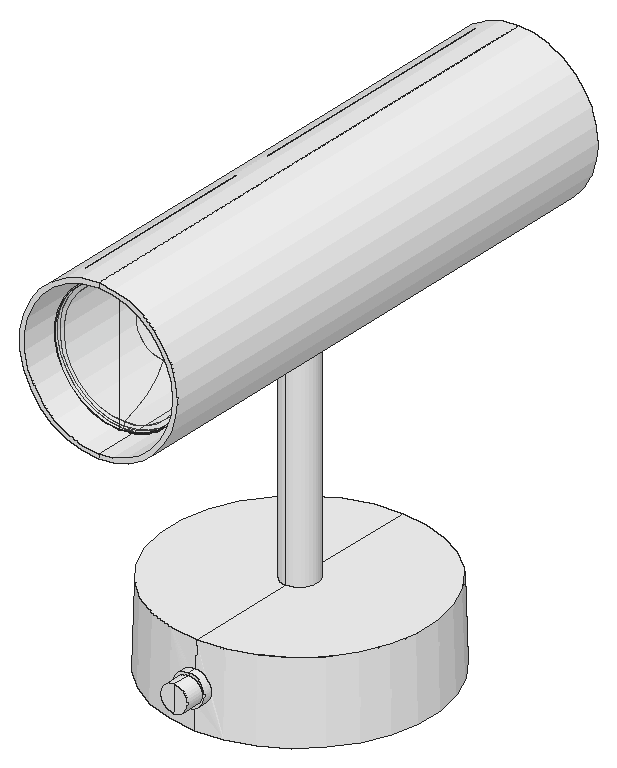
Revit family "Lighting_Wall-Mounted_Nordlux_MIB-6", category Lighting Fixtures, host Face, Revit 2017
Family settings
  Host = Face
  Round Connector Dimension = Use Diameter
  Part Type = Normal
  OmniClass Number = 23.80.70.00
  OmniClass Title = Lighting
  Cut with Voids When Loaded = No
  Light Source = Yes
  Shared = No
  Room Calculation Point = No
Parameters (values of type "MIB 6 - white")
  Wattage = 6.7321 W
  WarrantyStartDate [instance] = "n/a"
  WarrantyGuarantorParts = "n/a"
  WarrantyGuarantorLabor = "n/a"
  WarrantyDurationUnit = "Hours"
  WarrantyDurationParts = "n/a"
  WarrantyDurationLabor = "n/a"
  WarrantyDescription = "n/a"
  built-in parameter 1150110 = 1 (stored number, unit not read)
  VersionDate = "01/07/2020"  # constant formula
  Version = "1"  # constant formula
  UsageCurrent = 0 A
  Uniclass2015Reference = "Pr_70_70_48_85"
  Uniclass2015Description = "Surface luminaires"
  Uniclass2 = "Pr_70_70_48_85"
  URL = "https://www.nordlux.com/products/product/71689901"
  Type Comments = ""
  TotalWattage = 8 W
  built-in parameter 1114217 = 1 (stored number, unit not read)
  Tilt Angle = 90.00°
  built-in parameter 1150109 = 1 (stored number, unit not read)
  built-in parameter 1150134 = (empty or 0)
  TagNumber [instance] = "n/a"
  SustainabilityPerformance = "n/a"
  built-in parameter 1150113 = 1 (stored number, unit not read)
  Socket = "GU10"
  Size = "Shade: 200x60x60 mm / Base mount 85x85x30 mm"  # constant formula
  Shape = "Sculptured"
  SerialNumber [instance] = "n/a"
  Revision = "1"  # constant formula
  ReplacementCost = "n/a"
  ProductInformation = "n/a"
  Product data url = "https://www.bimobject.com/nordlux/product/mib_6_gu10_wall"
  Photometric Web File = "7168 Mib 6 Væg.ies"
  PhaseReference = "n/a"
  PhaseAngle = 0.00°
  NumberOfSources = 0
  NumberOfPoles = 1
  built-in parameter 1150142 = "IESNA:LM-63-2002\r\n[TEST] Viso LabSpion - serial: 3247052577 sensor serial: 0408532695\r\n[TESTLAB] Viso LabSpion - serial: 3247052577 sensor serial: 0408532695 - Test lab\r\n[MANUFAC] Nordlux\r\n[ISSUEDATE] 27-05-2019\r\n[LUMINAIRE] 7168 Mib 6 Væg\r\n[LUMCAT] B2019119\r\n[_SERIALNUMBER] VFR-190527-0299-MS\r\nTILT=NONE\r\n1 591 1 91 1 1 2 -0.06 -0.06 0.2\r\n1.0 1.0 6.43\r\n0 2 4 6 8 10 12 14 16 18 20 22 24 26 28 30 32 34 36 38 40 42 44 46 48 50 52 54 56 58 60 62 64 66 68 70 72 74 76 78 80 82 84 86 88 90 92 94 96 98 100 102 104 106 108 110 112 114 116 118 120 122 124 126 128 130 132 134 136 138 140 142\r\n 144 146 148 150 152 154 156 158 160 162 164 166 168 170 172 174 176 178 180\r\n0 \r\n890.2907 888.759 871.4837 845.7849 806.9229 754.6713 694.2662 629.0299 564.7031 504.8675 453.6219 408.171 365.8716 326.1634 288.2286 251.8584 217.096 184.3404 154.3311 126.4888 103.1234 83.677 67.427 53.776 42.6844 33.9374 26.0882\r\n 20.2018 15.9111 12.7214 10.5541 8.8742 8.0148 7.1573 6.3045 5.6722 5.0704 4.6158 4.1611 3.5385 2.9104 2.3671 1.8995 1.4349 1.0784 0.722 0.5471 0.5155 0.4857 0.4821 0.4786 0.4899 0.5145 0.5363 0.5154 0.4944 0.4941 0.5074 0.5228 0.5564\r\n 0.5901 0.5936 0.5772 0.5615 0.5538 0.5461 0.5544 0.5757 0.5955 0.5903 0.5852 0.6022 0.6364 0.6689 0.6769 0.6849 0.6897 0.6924 0.6981 0.722 0.7459 0.7358 0.7037 0.6707 0.6331 0.5954 0.6685 0.7182 0.6433 0.6613 0.714\r\n"
  NominalWidth = 100.042 mm
  NominalVoltageCalc = 0 V
  NominalVoltage = 230 V
  NominalRadius = NominalDiameter / 2  # 30 mm
  NominalLength = 200 mm
  NominalHeight = 172.805 mm
  NominalFrequencyRange = 50 Hz
  NominalDiameter = 60 mm
  NominalCurrent = 0 A
  Name = "MIB-6"  # constant formula
  NBSReference = "90-60-50/405"
  NBSDescription = "General purpose luminaires"
  ModelReference = ArticleNumber  # "71689901"
  ModelNumber = "n/a"
  Model = "MIB 6 - white"
  Material = "Metal"
  ManufacturersSpecificInformation = "n/a"
  ManufacturerURL = "https://www.nordlux.com/"
  ManufacturerName = "Nordlux"
  Manufacturer = "Nordlux"
  MaintenanceFactor = 0
  built-in parameter 1150105 = 1506.4 (stored number, unit not read)
  Lumens = 1000 lm
  built-in parameter 1150115 = 1 (stored number, unit not read)
  LightSource = "Not included"
  LightFixturePlacingType = "Wall"
  LightFixtureMountingType = "Surface"
  LightFixtureMainMaterial = White
  built-in parameter 1150137 = (empty or 0)
  built-in parameter 1150139 = (empty or 0)
  LensMaterial = Glass
  built-in parameter 1150112 = 1 (stored number, unit not read)
  built-in parameter 1150114 = 1 (stored number, unit not read)
  InsulationStandardClass = "Class 2 (Double isolated)"
  InstallationDate [instance] = "n/a"
  built-in parameter 1150132 = 2
  built-in parameter 1150102 = (empty or 0)
  built-in parameter 1150107 = 3000 (stored number, unit not read)
  built-in parameter 1150138 = (empty or 0)
  built-in parameter 1150106 = 15.064 (stored number, unit not read)
  IfcExportType = "NOTDEFINED"  # constant formula
  IfcExportAs = "IfcLightFixtureType"  # constant formula
  IP_Code = "IP20"
  HasProtectiveEarth = no
  Grade = "n/a"
  Finish = "Primary material metal, textile cable."
  Features = "White textile cable 180cm. Cable can be replaced."
  ExpectedLife = "n/a"
  EnergyClass = "A++ - A"
  Emit from Circle Diameter = 50 mm
  Emit Shape Visible in Rendering = no
  ElectricalDeviceNominalPower = 0
  built-in parameter 1150104 = 13.8 (stored number, unit not read)
  EANNumber = "5701581332683"
  DurationUnit = "Hours"
  Dimming Lamp Color Temperature Shift = <None>
  Designer = "Bonnelycke MDD"
  Description = "The MIB collection is based on classical virtues of design, with an emphasis on simplicity. The adjustable lamp head provides a sleek and Nordic design look. MIB is available in several variations, and as a collection offers a great variety of applications. An indestructible lighting collection that spreads light and joy in any modern home. Design by Bønnelycke MDD. The minimalist MIB series is steeped in Nordic elegance and boasts excellent usability. MIB 6 invites you to put the spotlight on life. The narrow lamp head emits a precise and narrow directional light."
  Default Elevation = 0 mm
  ConvergoRefNr = "0143-1909-0017-DK"  # constant formula
  Constituents = "n/a"
  Color Filter = 16777215
  Color = "White"
  Collection = "MIB 6"
  CodePerformance = "n/a"
  Category = "Indoor lighting"
  Brand = "n/a"
  Barcode [instance] = "n/a"
  built-in parameter 1114218 = 1 (stored number, unit not read)
  BIMObjectName = "Lighting_Wall-Mounted_Nordlux_MIB-6"  # constant formula
  Author = "Convergo AB"  # constant formula
  built-in parameter 1150133 = 10 (stored number, unit not read)
  AssetType = "Fixed"
  AssetIdentifier [instance] = "n/a"
  ArticleNumber = "71689901"
  AccessibilityPerformance = "n/a"
Types (3, lengths in mm): name | URL | ModelReference | Model | LightFixtureMainMaterial | Features | EANNumber | Color | ArticleNumber
  (no name) | "https://www.nordlux.com/products/product/71689901" | "71689901" | "MIB 6 - white" | White | "White textile cable 180cm. Cable can be replaced." | "5701581332683" | "White" | "71689901"
  MIB 6 - black | "https://www.nordlux.com/products/product/71689903" | "71689903" | "MIB 6 - black" | Black | "Black textile cable 180cm. Cable can be replaced." | "5701581332782" | "Black" | "71689903"
  MIB 6 - white | "https://www.nordlux.com/products/product/71689901" | "71689901" | "MIB 6 - white" | White | "White textile cable 180cm. Cable can be replaced." | "5701581332683" | "White" | "71689901"
Reference planes
  plane 1 "Center (Front/Back)": y = 0
  plane 2: z = 0
  plane 3 "Center (Left/Right)": x = 0
  plane 4: y = 100
  plane 5: y = -100
  plane 6: z = 172.805
  plane 7: x = 50.021
  plane 8: x = -50.021
Forms (mm)
  Extrusion 1, solid, material "White" <- "LightFixtureMainMaterial", detail levels coarse
    sketch origin (0, 0, 0) x (1, 0, 0) y (0, 1, 0)
      loop
        line (-50.021, 100) -> (-50.021, -100) -> (50.021, -100) -> (50.021, 100) -> (-50.021, 100)
    from 0 to 172.805
Dimensions and locks
  equal spacing: plane 8, plane 3 "Center (Left/Right)", plane 7
  equal spacing: plane 4, plane 1 "Center (Front/Back)", plane 5
  "NominalLength": plane 4 to plane 5
  "NominalWidth": plane 8 to plane 7
  "NominalHeight": plane 6 to level
  aligned and locked: plane 2 to host face
  aligned and locked: level to host face
  aligned and locked: imposter light to nested 1  (x2)
  aligned and locked: nested 1 to plane 1 "Center (Front/Back)"
  aligned and locked: Extrusion 1 sketch curve to plane 8
  aligned and locked: Extrusion 1 sketch curve to plane 7
  aligned and locked: Extrusion 1 sketch curve to plane 4
  aligned and locked: Extrusion 1 sketch curve to plane 5
  aligned and locked: Extrusion 1 to plane 6
Automatic sketch dimensions
  host sketch curve to host sketch curve = 2438.4 mm  (x2)
Nested families
  nested 1: "MIB6_Wall" at (0, -100, 142.805) x (0, 0, -1) z (0, 1, 0), Glass <- "LensMaterial", Metal <- "LightFixtureMainMaterial", type "MIB6_Wall"
    with Metal White, Glass Glass
Connectors
  electrical at (0, -63.985, 15.01), driven by "NumberOfPoles", driven by "NominalVoltage"
    settings: on nested 1, index 1, voltage 230 V, apparent load 0 VA, apparent load phase1 0 VA, apparent load phase2 0 VA, apparent load phase3 0 VA, power factor 1, load classification "Other", number of poles 1, system type 31, power factor state 1, is connector primary yes, connector utility no, sub classification motor no, connector description ""
Definition of nested family "MIB6_Wall"
  Parameters (values of type "MIB6_Wall")
    Metal [instance] = none
    Glass [instance] = none
    Default Elevation = 1219.2 mm
  Reference planes
    plane 1 "Center (Front/Back)": y = 0
    plane 2: z = 0
    plane 3 "Center (Left/Right)": x = 0
    plane 4: z = 200
    plane 5: x = -30
    plane 6: x = 30
    plane 7: z = 10
    plane 8: y = 50.021
    plane 9: y = -50.021
    plane 10: z = 100
  Forms (mm)
    Revolve 1, solid, material <- "Metal", detail levels medium+fine
      sketch origin (0, 0, 0) x (1, 0, 0) y (0, 0, 1)
        loop
          line (-28.25, 0) -> (-28.25, 86) -> (0, 86) -> (0, 87.5) -> (-28.25, 87.5) -> (-28.25, 200) -> (-30, 200) -> (-30, 0) -> (-28.25, 0)
        axis (0, 200) -> (0, 0)
      angle from 0 to 360
    Revolve 2, solid, material <- "Glass", detail levels medium+fine
      sketch origin (0, 0, 0) x (1, 0, 0) y (0, 0, 1)
        loop
          line (-24.52, 10.004) -> (0, 10.004) -> (0, 57.001) -> (-10.478, 57.001) -> (-10.478, 31.288)
          arc (-10.478, 31.288) -> (-18.558, 22.991) -> (-23.02, 12.304) r 30.926
          line (-23.02, 12.304) -> (-24.52, 12.304)
          arc (-24.52, 12.304) -> (-24.874, 12.158) -> (-25.02, 11.804) r 0.5
          line (-25.02, 11.804) -> (-25.02, 10.504)
          arc (-25.02, 10.504) -> (-24.874, 10.151) -> (-24.52, 10.004) r 0.5
        axis (0, 57.001) -> (0, 10.004)
      angle from 0 to 360
    Revolve 3, solid, material <- "Metal", detail levels medium+fine
      sketch origin (0, 0, 0) x (1, 0, 0) y (0, 0, 1)
        loop
          line (-14.052, 51.001) -> (0, 51.001) -> (0, 97.275) -> (-2.848, 97.275) -> (-2.848, 88.935) -> (-5.175, 88.935) -> (-5.175, 75.879) -> (-11.659, 75.879)
          arc (-11.659, 75.879) -> (-12.028, 75.762) -> (-12.264, 75.455) r 0.644
          line (-12.264, 75.455) -> (-15.119, 67.621)
          arc (-15.119, 67.621) -> (-15.254, 67.116) -> (-15.3, 66.594) r 3
          line (-15.3, 66.594) -> (-15.3, 62.279) -> (-14.052, 62.279) -> (-14.052, 51.001)
        axis (0, 97.275) -> (0, 51.001)
      angle from 0 to 360
    Extrusion 4, void
      sketch origin (0, 0, 0) x (0, 1, 0) y (0, 0, 1)
        loop
          line (-10, 200) -> (-10, 98)
          arc (-10, 98) -> (0, 88) -> (10, 98) r 10
          line (10, 98) -> (10, 200) -> (-10, 200)
      from 13.922 to 37.907
    Revolve 5, solid, material <- "Metal", detail levels medium+fine
      sketch origin (142.805, 0, 95.692) x (0, 0, 1) y (-1, 0, 0)
        loop
          line (-50.021, 0) -> (0, 0) -> (0, 148.311) -> (-6.5, 148.311) -> (-6.5, 30.521) -> (-49.133, 30.521) -> (-50.021, 0)
        axis (0, 148.311) -> (0, 0)
      angle from 0 to 360
    Revolve 6, solid, material <- "Metal", detail levels medium+fine
      sketch origin (142.805, 0, 95.692) x (0, 0, 1) y (-1, 0, 0)
        loop
          line (-59.677, 20.01) -> (-59.677, 15.01) -> (-44.677, 15.01) -> (-44.677, 20.01) -> (-49.845, 20.01) -> (-49.845, 21.01) -> (-52.845, 21.01) -> (-52.845, 20.01) -> (-59.677, 20.01)
        axis (-59.677, 15.01) -> (-44.677, 15.01)
      angle from 0 to 360
  Cuts and joins
    Extrusion 4 cuts Revolve 1
    joined: Revolve 3, Revolve 5, Revolve 6
  Lines and regions (mm)
    symbolic lines, detail levels medium+fine
      curve 1: line (0, 30, 0) -> (0, -30, 0)
      curve 2: line (0, -30, 0) -> (0, -30, 55.666)
      curve 3: line (0, -30, 200) -> (0, 30, 200)
      curve 4: line (0, 30, 0) -> (0, 30, 55.666)
      curve 5: line (-30, 0, 0) -> (30, 0, 0)
      curve 6: line (30, 0, 0) -> (30, 0, 88)
      curve 7: line (-30, 0, 0) -> (-30, 0, 200)
      curve 8: line (-30, 0, 200) -> (28.284, 0, 200)
      curve 10: arc (29.287, 6.5, 0) -> (-30, 0, 0) -> (29.287, -6.5, 0) r 30
      curve 13: arc (0, 30, 135.719) -> (0, 50.021, 95.692) -> (0, 30, 55.666) r 50.021
      curve 14: arc (0, -30, 135.719) -> (0, -50.021, 95.692) -> (0, -30, 55.666) r 50.021
      curve 15: line (0, 30, 135.719) -> (0, 30, 200)
      curve 16: line (0, -30, 135.719) -> (0, -30, 200)
      curve 19: line (28.284, 0, 102.192) -> (112.284, 0, 102.192)
      curve 20: line (112.284, 0, 102.192) -> (112.284, 0, 144.826)
      curve 21: line (112.284, 0, 144.826) -> (142.805, 0, 145.713)
      curve 22: line (142.805, 0, 145.713) -> (142.805, 0, 45.671)
      curve 23: line (142.805, 0, 45.671) -> (133.795, 0, 45.933)
      curve 24: line (112.284, 0, 46.559) -> (112.284, 0, 89.192)
      curve 25: line (29.606, 0, 89.192) -> (112.284, 0, 89.192)
      curve 26: arc (30, 0, 88) -> (29.797, 0, 88.594) -> (29.606, 0, 89.192) r 30
      curve 28: line (28.284, 0, 102.192) -> (28.284, 0, 200)
      curve 29: line (122.795, 0, 36.015) -> (122.795, 0, 42.847)
      curve 30: line (122.795, 0, 42.847) -> (121.795, 0, 42.847)
      curve 31: line (121.795, 0, 42.847) -> (121.795, 0, 45.847)
      curve 32: line (121.795, 0, 45.847) -> (122.795, 0, 45.847)
      curve 33: line (122.795, 0, 45.847) -> (122.795, 0, 46.253)
      curve 34: line (132.795, 0, 36.015) -> (132.795, 0, 42.847)
      curve 35: line (132.795, 0, 42.847) -> (133.795, 0, 42.847)
      curve 36: line (133.795, 0, 42.847) -> (133.795, 0, 45.933)
      curve 40: line (122.795, 0, 36.015) -> (132.795, 0, 36.015)
      curve 41: line (122.795, 0, 46.253) -> (112.284, 0, 46.559)
      curve 44: line (29.287, 6.5, 0) -> (112.284, 6.5, 0)
      curve 45: line (112.284, 6.5, 0) -> (112.284, 49.133, 0)
      curve 46: line (142.805, 0, 0) -> (142.805, 50.021, 0)
      curve 47: line (112.284, 49.133, 0) -> (142.805, 50.021, 0)
      curve 48: line (112.284, -6.5, 0) -> (112.284, -49.133, 0)
      curve 49: line (142.805, 0, 0) -> (142.805, -50.021, 0)
      curve 50: line (112.284, -49.133, 0) -> (142.805, -50.021, 0)
      curve 51: line (29.287, -6.5, 0) -> (112.284, -6.5, 0)
    symbolic lines, detail levels fine
      curve 9: line (28.284, 0, 98) -> (28.284, 0, 102.192)
      curve 11: circle (0, 0, 0) r 28.25 normal (0, 0, 1)
      curve 12: circle (0, 0, 0) r 25 normal (0, 0, 1)
      curve 17: line (0, -30, 55.666) -> (0, -30, 135.719)
      curve 18: line (0, 30, 55.666) -> (0, 30, 135.719)
      curve 27: arc (29.606, 0, 89.192) -> (28.617, 0, 93.547) -> (28.284, 0, 98) r 30
      curve 37: line (122.795, 0, 45.847) -> (133.795, 0, 45.847)
      curve 38: line (132.795, 0, 42.847) -> (122.795, 0, 42.847)
      curve 39: arc (122.795, 0, 46.253) -> (128.304, 0, 46.416) -> (133.795, 0, 45.933) r 46.978
      curve 42: line (133.795, 0, 45.933) -> (122.795, 0, 46.253)
      curve 43: line (112.284, 0, 102.192) -> (112.284, 0, 89.192)
      curve 52: arc (29.287, -6.5, 0) -> (30, 0, 0) -> (29.287, 6.5, 0) r 30
      curve 53: line (112.284, 6.5, 0) -> (112.284, -6.5, 0)
  Dimensions and locks
    aligned and locked: level to plane 2
